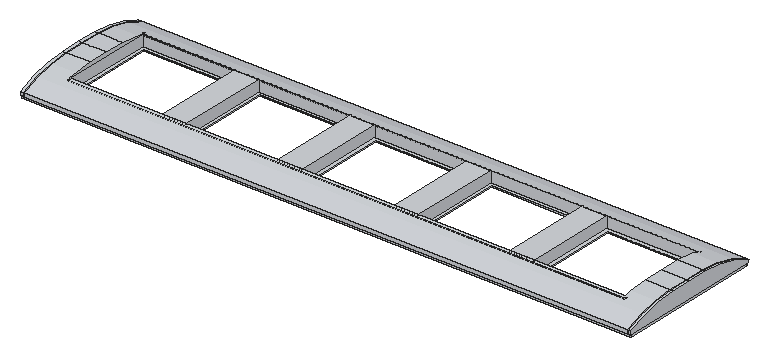
Revit family "Gira_0215806", category Electrical Fixtures, host Face, Revit 2017
Family settings
  Host = Face
  Maintain Annotation Orientation = No
  Round Connector Dimension = Use Diameter
  Part Type = Normal
  Cut with Voids When Loaded = No
  Shared = No
  Room Calculation Point = No
Parameters (values of type "Cov.fr. 5-g interm.fr. CAl Gira Event p.white")
  With mounting grid = "No"
  With hinged lid = "No"
  URL = "http://katalog.gira.de/en/datenblatt.html?artikelnr=0215806"
  Type of fastening = "Clamp mounting"
  Transparent = "No"
  Surface protection = "Other"
  Suitable for wall duct = "No"
  Suitable for flush-mounted installation = "Yes"
  Suitable for floor box = "No"
  Suitable for built-in installation = "No"
  Number of units vertical = "5"
  Number of units horizontal = "5"
  Number of units = "5"
  Name = "Cov.fr. 5-g interm.fr. CAl Gira Event p.white"
  Mounting direction = "Horizontal and vertical"
  Material quality = "Thermoplastic"
  Material = "Plastic"
  Manufacturer URL = "https://www.gira.de/"
  Manufacturer = "Gira"
  Label space/information surface = "No"
  Keynote = ""
  HeinzeBIM = "https://bimportal.heinze.de/bim/cov-fr-5-g-interm-fr-cal-gira-event-p-white/5e94a084397b4f650b48aea96df778a194add74b"
  Halogen free = "Yes"
  HAN = "0215806"
  GTIN = "4010337070054"
  Description = "Cov.fr.5g i.fr.CAl Event PW,Gira Event frames,pure white glossy with colour aluminium intermediate frame,5-gang,Features:,- Shatter-proof."
  Degree of protection (IP) = "IP20"
  Default Elevation = 1219.2 mm
  Data sheet (1) = "https://katalog.gira.de/en/download.html?artikelnr=0215806"
  Colour = "White"
  Category = "Cover frame for domestic switching devices"
  BIM (1) = "https://media.stage.bim.site/public/gira/36a6b08/Event_Rahmen_5fach.rfa"
  Available = "No"
Reference planes
  plane 1 "Center (Front/Back)": y = 0
  plane 2: z = 0
  plane 3 "Center (Left/Right)": x = 0
Forms (mm)
  Extrusion 1, solid, detail levels fine
    sketch origin (0, 0, 0.05) x (0, 1, 0) y (0, 0, 1)
      loop
        arc (12.445, 9.683) -> (6.223, 9.833) -> (0, 9.85) r 291.636
        arc (0, 9.85) -> (-6.223, 9.833) -> (-12.445, 9.683) r 291.636
        arc (-12.445, 9.683) -> (-29.14, 7.482) -> (-45, 1.823) r 79.728
        line (-45, 1.823) -> (-45, -0.05) -> (-42.086, -0.05)
        arc (-42.086, -0.05) -> (-21.385, 5.559) -> (0, 7.206) r 114.424
        arc (0, 7.206) -> (21.385, 5.559) -> (42.086, -0.05) r 114.424
        line (42.086, -0.05) -> (45, -0.05) -> (45, 1.823)
        arc (45, 1.823) -> (29.14, 7.482) -> (12.445, 9.683) r 79.728
    from -185.578 to 185.593
  Extrusion 2, void, detail levels fine
    sketch origin (0, 0, 0) x (1, 0, 0) y (0, 1, 0)
      loop
        line (170.607, 28) -> (-170.593, 28) -> (-170.593, -28) -> (170.607, -28) -> (170.607, 28)
    from 0.724 to 11
  Extrusion 3, solid, detail levels coarse
    sketch origin (0, 0, 0) x (1, 0, 0) y (0, 1, 0)
      loop
        line (-187.578, 45) -> (-187.578, -45) -> (187.593, -45) -> (187.593, 45) -> (-187.578, 45)
    from -1.5 to 9.9
  Extrusion 4, solid, detail levels medium
    sketch origin (0, 0, 0.05) x (0, 1, 0) y (0, 0, 1)
      loop
        arc (12.445, 9.683) -> (6.223, 9.833) -> (0, 9.85) r 291.636
        arc (0, 9.85) -> (-6.223, 9.833) -> (-12.445, 9.683) r 291.636
        arc (-12.445, 9.683) -> (-29.14, 7.482) -> (-45, 1.823) r 79.728
        line (-45, 1.823) -> (-45, -0.05) -> (45, -0.05) -> (45, 1.823)
        arc (45, 1.823) -> (29.14, 7.482) -> (12.445, 9.683) r 79.728
    from -187.578 to 187.593
  Extrusion 5, solid, detail levels fine
    sketch origin (-142.578, 0, -1.5) x (0, 1, 0) y (0, 0, -1)
      loop
        line (45, -3.373) -> (45, -1.5) -> (-45, -1.5) -> (-45, -3.373)
        arc (-45, -3.373) -> (-29.14, -9.032) -> (-12.445, -11.233) r 79.728
        arc (-12.445, -11.233) -> (-6.223, -11.383) -> (0, -11.4) r 291.636
        arc (0, -11.4) -> (6.223, -11.383) -> (12.445, -11.233) r 291.636
        arc (12.445, -11.233) -> (29.14, -9.032) -> (45, -3.373) r 79.728
    from 43 to 45
  Extrusion 6, solid, detail levels fine
    sketch origin (0, 0, 0) x (1, 0, 0) y (0, 1, 0)
      loop
        line (-168.493, 25.7) -> (-168.493, -25.7) -> (-116.693, -25.7) -> (-116.693, 25.7) -> (-168.493, 25.7)
      loop
        line (-45.398, -25.7) -> (-45.398, 25.7) -> (-97.198, 25.7) -> (-97.198, -25.7) -> (-45.398, -25.7)
      loop
        line (-171.487, 28.49) -> (-171.487, -28.495)
        spline (-171.487, -28.495) -> (-171.479, -28.625) -> (-171.453, -28.754) -> (-171.411, -28.878) -> (-171.353, -28.995) -> (-171.281, -29.104) -> (-171.194, -29.202) -> (-171.096, -29.288) -> (-170.987, -29.361) -> (-170.87, -29.419) -> (-170.746, -29.461) -> (-170.618, -29.486) -> (-170.487, -29.495)
        line (-170.487, -29.495) -> (170.502, -29.495)
        spline (170.502, -29.495) -> (170.633, -29.486) -> (170.761, -29.461) -> (170.885, -29.419) -> (171.002, -29.361) -> (171.111, -29.288) -> (171.209, -29.202) -> (171.296, -29.104) -> (171.368, -28.995) -> (171.426, -28.878) -> (171.468, -28.754) -> (171.494, -28.625) -> (171.502, -28.495)
        line (171.502, -28.495) -> (171.502, 28.49)
        spline (171.502, 28.49) -> (171.494, 28.62) -> (171.468, 28.748) -> (171.426, 28.872) -> (171.368, 28.99) -> (171.296, 29.098) -> (171.209, 29.197) -> (171.111, 29.283) -> (171.002, 29.356) -> (170.885, 29.413) -> (170.761, 29.456) -> (170.633, 29.481) -> (170.502, 29.49)
        line (170.502, 29.49) -> (-170.487, 29.49)
        spline (-170.487, 29.49) -> (-170.618, 29.481) -> (-170.746, 29.456) -> (-170.87, 29.413) -> (-170.987, 29.356) -> (-171.096, 29.283) -> (-171.194, 29.197) -> (-171.281, 29.098) -> (-171.353, 28.99) -> (-171.411, 28.872) -> (-171.453, 28.748) -> (-171.479, 28.62) -> (-171.487, 28.49)
      loop
        line (25.902, -25.7) -> (25.902, 25.7) -> (-25.898, 25.7) -> (-25.898, -25.7) -> (25.902, -25.7)
      loop
        line (97.207, -25.7) -> (97.207, 25.7) -> (45.407, 25.7) -> (45.407, -25.7) -> (97.207, -25.7)
      loop
        line (168.507, -25.7) -> (168.507, 25.7) -> (116.707, 25.7) -> (116.707, -25.7) -> (168.507, -25.7)
    from 0.1 to 7.3
  Extrusion 7, solid
    sketch origin (0, 0, 0) x (1, 0, 0) y (0, 1, 0)
      loop
        arc (-187.293, -44.218) -> (-187.146, -44.572) -> (-186.793, -44.718) r 0.5
        line (-186.793, -44.718) -> (186.807, -44.718)
        arc (186.807, -44.718) -> (187.161, -44.572) -> (187.307, -44.218) r 0.5
        line (187.307, -44.218) -> (187.307, 44.182)
        arc (187.307, 44.182) -> (187.161, 44.535) -> (186.807, 44.682) r 0.5
        line (186.807, 44.682) -> (-186.793, 44.682)
        arc (-186.793, 44.682) -> (-187.146, 44.535) -> (-187.293, 44.182) r 0.5
        line (-187.293, 44.182) -> (-187.293, -44.218)
      loop
        line (-185.593, 42.982) -> (-185.593, -43.018) -> (185.607, -43.018) -> (185.607, 42.982) -> (-185.593, 42.982)
    from -1.5 to 0.5
  Extrusion 8, solid, detail levels fine
    sketch origin (142.593, 0, -1.5) x (0, 1, 0) y (0, 0, 1)
      loop
        arc (45, 3.373) -> (29.14, 9.032) -> (12.445, 11.233) r 79.728
        arc (12.445, 11.233) -> (6.223, 11.383) -> (0, 11.4) r 291.636
        arc (0, 11.4) -> (-6.223, 11.383) -> (-12.445, 11.233) r 291.636
        arc (-12.445, 11.233) -> (-29.14, 9.032) -> (-45, 3.373) r 79.728
        line (-45, 3.373) -> (-45, 1.5) -> (45, 1.5) -> (45, 3.373)
    from 43 to 45
  Extrusion 9, solid, detail levels medium
    sketch origin (0, 0, 0) x (1, 0, 0) y (0, 1, 0)
      loop
        line (-187.293, -44.718) -> (187.307, -44.718) -> (187.307, 44.682) -> (-187.293, 44.682) -> (-187.293, -44.718)
    from -1.5 to 0.5
  Extrusion 10, solid, detail levels fine
    sketch origin (-105.5, 0, 0) x (1, 0, 0) y (0, 1, 0)
      loop
        line (-8.943, 28.063) -> (-8.943, -27.937) -> (6.057, -27.937) -> (6.057, 28.063) -> (-8.943, 28.063)
    from 0.724 to 7.566
  Extrusion 11, solid, detail levels fine
    sketch origin (-37.085, 0, 0) x (-1, 0, 0) y (0, -1, 0)
      loop
        line (-8.943, -28.063) -> (6.057, -28.063) -> (6.057, 27.937) -> (-8.943, 27.937) -> (-8.943, -28.063)
    from 0.724 to 7.566
  Extrusion 12, solid, detail levels fine
    sketch origin (105.5, 0, 0) x (-1, 0, 0) y (0, -1, 0)
      loop
        line (-8.943, -28.063) -> (6.057, -28.063) -> (6.057, 27.937) -> (-8.943, 27.937) -> (-8.943, -28.063)
    from 0.724 to 7.566
  Extrusion 13, solid, detail levels fine
    sketch origin (37.085, 0, 0) x (1, 0, 0) y (0, 1, 0)
      loop
        line (-8.943, 28.063) -> (-8.943, -27.937) -> (6.057, -27.937) -> (6.057, 28.063) -> (-8.943, 28.063)
    from 0.724 to 7.566
Cuts and joins
  Extrusion 2 cuts Extrusion 1
  Extrusion 2 cuts Extrusion 6
Dimensions and locks
  aligned and locked: plane 2 to host face
  aligned and locked: level to host face
